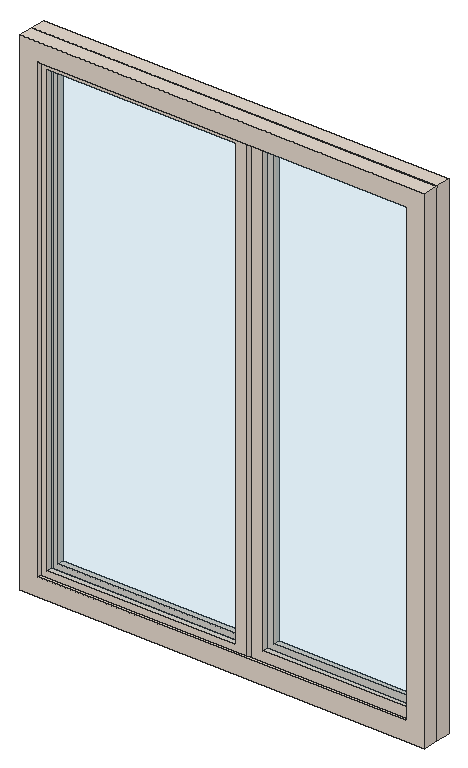
Revit family
Parameters (values of type "복창(2개창) 1800X2210")
  한쪽창폭 = 750 mm
  창프레임폭 = 50 mm
  창프레임두께 = 문틀두께 / 4  # 25 mm
  유리 = 유리
  문틀두께 = 100 mm
  문틀 [instance] = 문틀
  Height = 2210 mm
  Default Sill Height = 500 mm
  Wall Closure = (empty or 0)
  Width = 1800 mm
  Assembly Code = ""
Reference planes
  plane 1 "Center (Front/Back)": y = 0
  plane 2 "Center (Left/Right)": x = 0
  plane 3 "Left": x = -900
  plane 4 "Right": x = 900
  plane 5 "Sill": z = 500
  plane 6 "Head": z = 2710
  plane 7 "Exterior": y = 100
  plane 8 "Interior": y = -100
  plane 9: x = 95
  plane 10: x = -845.102
  plane 11: x = 845
Forms (mm)
  Sweep 1, solid, material "문틀" <- "문틀"
    path origin (0, 100, 0) x (1, 0, 0) y (0, 0, 1)
      loop
        line (900, 2710) -> (-900, 2710) -> (-900, 500) -> (900, 500) -> (900, 2710)
    profile origin (0, 100, 2710) x (0, 0, -1) y (0, -1, 0)
      loop
        line (0, 65) -> (0, 0) -> (54.898, 0) -> (54.898, 50) -> (79.898, 50) -> (79.898, 65) -> (0, 65)
  Extrusion 2, solid, material "문틀" <- "문틀"
    sketch origin (-970, 100, 0) x (1, 0, 0) y (0, 0, 1)
      loop
        line (1065, 2655) -> (124.898, 2655) -> (124.898, 555) -> (1065, 555) -> (1065, 2655)
      loop
        line (1015, 2605) -> (174.898, 2605) -> (174.898, 605) -> (1015, 605) -> (1015, 2605)
    from 25 to 50
  Extrusion 3, solid, material "유리" <- "유리"
    sketch origin (-970, 100, 0) x (1, 0, 0) y (0, 0, 1)
      loop
        line (1015, 2630) -> (174.898, 2630) -> (174.898, 580) -> (1015, 580) -> (1015, 2630)
    from 33.333 to 41.667
  Extrusion 4, solid, material "문틀" <- "문틀"
    sketch origin (0, 100, 0) x (1, 0, 0) y (0, 0, 1)
      loop
        line (845.102, 2655) -> (95, 2655) -> (95, 555) -> (845.102, 555) -> (845.102, 2655)
      loop
        line (795.102, 2605) -> (145, 2605) -> (145, 605) -> (795.102, 605) -> (795.102, 2605)
    from 0 to 25
  Extrusion 5, solid, material "유리" <- "유리"
    sketch origin (0, 100, 0) x (1, 0, 0) y (0, 0, 1)
      loop
        line (795.102, 2630) -> (145, 2630) -> (145, 580) -> (795.102, 580) -> (795.102, 2630)
    from 8.333 to 16.667
  Extrusion 6, solid, material "문틀" <- "문틀"
    sketch origin (-970, 35, 0) x (1, 0, 0) y (0, 0, 1)
      loop
        line (1065, 2655) -> (124.898, 2655) -> (124.898, 555) -> (1065, 555) -> (1065, 2655)
      loop
        line (1015, 2605) -> (174.898, 2605) -> (174.898, 605) -> (1015, 605) -> (1015, 2605)
    from 25 to 50
  Extrusion 7, solid, material "유리" <- "유리"
    sketch origin (-970, 35, 0) x (1, 0, 0) y (0, 0, 1)
      loop
        line (1015, 2630) -> (174.898, 2630) -> (174.898, 580) -> (1015, 580) -> (1015, 2630)
    from 33.333 to 41.667
  Extrusion 8, solid, material "문틀" <- "문틀"
    sketch origin (0, 35, 0) x (1, 0, 0) y (0, 0, 1)
      loop
        line (845.102, 2655) -> (95, 2655) -> (95, 555) -> (845.102, 555) -> (845.102, 2655)
      loop
        line (795.102, 2605) -> (145, 2605) -> (145, 605) -> (795.102, 605) -> (795.102, 2605)
    from 0 to 25
  Extrusion 9, solid, material "유리" <- "유리"
    sketch origin (0, 35, 0) x (1, 0, 0) y (0, 0, 1)
      loop
        line (795.102, 2630) -> (145, 2630) -> (145, 580) -> (795.102, 580) -> (795.102, 2630)
    from 8.333 to 16.667
  Sweep 10, solid, material "문틀" <- "문틀"
    path origin (0, 35, 0) x (1, 0, 0) y (0, 0, 1)
      loop
        line (900, 2710) -> (-900, 2710) -> (-900, 500) -> (900, 500) -> (900, 2710)
    profile origin (0, 35, 2710) x (0, 0, -1) y (0, -1, 0)
      loop
        line (0, 65) -> (0, 0) -> (54.898, 0) -> (54.898, 50) -> (79.898, 50) -> (79.898, 65) -> (0, 65)
Lines and regions (mm)
  Opening 1
    outline origin (3500, -100, 0) x (1, 0, 0) y (0, 0, 1)
      loop
        line (-2600, 500) -> (-2600, 2710) -> (-4400, 2710) -> (-4400, 500) -> (-2600, 500)
Text (mm)
  text "EXTERIOR" at (-1963.203, 1332.353, 0), in view "Ref. Level"
  text "INTERIOR" at (-1981.466, -818.386, 0), in view "Ref. Level"
  text "Exterior" at (0, 923.751, 2943.296), in view "Right"
  text "Exterior" at (0, 1040.484, 2685.409), in view "Left"
Dimensions and locks
  equal spacing: plane 3 "Left", plane 2 "Center (Left/Right)", plane 4 "Right"
  "Width": plane 3 "Left" to plane 4 "Right"
  "Height": plane 5 "Sill" to plane 6 "Head"
  "Default Sill Height": plane 5 "Sill" to level
  locked: plane 7 "Exterior" to host wall at 0
  locked: plane 8 "Interior" to host wall
  plane 2 "Center (Left/Right)" to plane 4 "Right" = 900 mm
  "창프레임두께": Extrusion 2 to Extrusion 2
  Extrusion 3 to Extrusion 3 = 8.333 mm
  "창프레임두께": Extrusion 4 to Extrusion 4
  Extrusion 5 to Extrusion 5 = 8.333 mm
  locked: Extrusion 4 to Extrusion 4 at 50  (x2)
  locked: Extrusion 2 to Extrusion 2 at 50  (x2)
  locked: plane 3 "Left" to plane 10 at 54.898
  locked: plane 11 to plane 4 "Right" at 55
  "한쪽창폭": plane 9 to plane 11
  "창프레임두께": Extrusion 6 to Extrusion 6
  "창프레임두께": Extrusion 8 to Extrusion 8
  locked: Extrusion 8 to Extrusion 8 at 50  (x2)
  locked: Extrusion 6 to Extrusion 6 at 50  (x2)
  aligned and locked: host wall to Sweep 1 sketch curve
  aligned and locked: Sweep 1 sketch curve to host wall  (x3)
  aligned and locked: Extrusion 4 to plane 9
  aligned and locked: Extrusion 5 to Extrusion 4  (x2)
  aligned and locked: Extrusion 3 to Extrusion 2  (x2)
  aligned and locked: Extrusion 2 to Extrusion 4
  aligned and locked: plane 10 to Sweep 1
  aligned and locked: Extrusion 2 to Sweep 1
  aligned and locked: Extrusion 4 to Sweep 1
  aligned and locked: Extrusion 9 to Extrusion 8  (x2)
  aligned and locked: Extrusion 7 to Extrusion 6  (x2)
  aligned and locked: Extrusion 6 to Extrusion 8
Automatic sketch dimensions
  Opening 1 sketch curve to plane 3 "Left" = 0 mm
  Opening 1 sketch curve to plane 4 "Right" = 0 mm
  Opening 1 sketch curve to plane 5 "Sill" = 0 mm
  Opening 1 sketch curve to plane 6 "Head" = 0 mm
  Sweep 1 sketch curve to plane 7 "Exterior" = 0 mm
  Sweep 1 sketch curve to profile plane = 0 mm
  Sweep 1 sketch curve to profile plane = 54.898 mm
  Sweep 1 sketch curve to Sweep 1 sketch curve = 25 mm
  plane 7 "Exterior" to Sweep 1 sketch curve = 50 mm
  Sweep 1 sketch curve to Sweep 1 sketch curve = 15 mm
  Extrusion 2 sketch curve to plane 10 = 0 mm
  Extrusion 2 sketch curve to plane 9 = 0 mm
  plane 10 to Extrusion 2 sketch curve = 50 mm
  Extrusion 2 sketch curve to plane 9 = 50 mm
  Extrusion 2 sketch curve to plane 5 "Sill" = 55 mm
  Extrusion 2 sketch curve to Extrusion 2 sketch curve = 50 mm
  plane 6 "Head" to Extrusion 2 sketch curve = 105 mm
  plane 6 "Head" to Extrusion 2 sketch curve = 55 mm
  plane 10 to Extrusion 3 sketch curve = 50 mm
  Extrusion 3 sketch curve to plane 9 = 50 mm
  Extrusion 3 sketch curve to plane 5 "Sill" = 80 mm
  plane 6 "Head" to Extrusion 3 sketch curve = 80 mm
  Extrusion 4 sketch curve to plane 9 = 0 mm
  plane 9 to Extrusion 4 sketch curve = 50 mm
  Extrusion 4 sketch curve to plane 11 = 49.898 mm
  plane 11 to Extrusion 4 sketch curve = 0.102 mm
  Extrusion 4 sketch curve to plane 5 "Sill" = 55 mm
  Extrusion 4 sketch curve to Extrusion 4 sketch curve = 50 mm
  plane 6 "Head" to Extrusion 4 sketch curve = 105 mm
  plane 6 "Head" to Extrusion 4 sketch curve = 55 mm
  plane 9 to Extrusion 5 sketch curve = 50 mm
  Extrusion 5 sketch curve to plane 11 = 49.898 mm
  Extrusion 5 sketch curve to plane 5 "Sill" = 80 mm
  plane 6 "Head" to Extrusion 5 sketch curve = 80 mm
  Extrusion 6 sketch curve to plane 10 = 0 mm
  Extrusion 6 sketch curve to plane 9 = 0 mm
  plane 10 to Extrusion 6 sketch curve = 50 mm
  Extrusion 6 sketch curve to plane 9 = 50 mm
  Extrusion 6 sketch curve to plane 5 "Sill" = 55 mm
  Extrusion 6 sketch curve to Extrusion 6 sketch curve = 50 mm
  plane 6 "Head" to Extrusion 6 sketch curve = 105 mm
  plane 6 "Head" to Extrusion 6 sketch curve = 55 mm
  plane 10 to Extrusion 7 sketch curve = 50 mm
  Extrusion 7 sketch curve to plane 9 = 50 mm
  Extrusion 7 sketch curve to plane 5 "Sill" = 80 mm
  plane 6 "Head" to Extrusion 7 sketch curve = 80 mm
  Extrusion 8 sketch curve to plane 9 = 0 mm
  plane 9 to Extrusion 8 sketch curve = 50 mm
  Extrusion 8 sketch curve to plane 11 = 49.898 mm
  plane 11 to Extrusion 8 sketch curve = 0.102 mm
  Extrusion 8 sketch curve to plane 5 "Sill" = 55 mm
  Extrusion 8 sketch curve to Extrusion 8 sketch curve = 50 mm
  plane 6 "Head" to Extrusion 8 sketch curve = 105 mm
  plane 6 "Head" to Extrusion 8 sketch curve = 55 mm
  plane 9 to Extrusion 9 sketch curve = 50 mm
  Extrusion 9 sketch curve to plane 11 = 49.898 mm
  Extrusion 9 sketch curve to plane 5 "Sill" = 80 mm
  plane 6 "Head" to Extrusion 9 sketch curve = 80 mm
  Sweep 10 sketch curve to plane 3 "Left" = 0 mm
  Sweep 10 sketch curve to plane 4 "Right" = 0 mm
  Sweep 10 sketch curve to plane 5 "Sill" = 0 mm
  Sweep 10 sketch curve to plane 6 "Head" = 0 mm
  Sweep 10 sketch curve to profile plane = 0 mm  (x2)
  Sweep 10 sketch curve to profile plane = 54.898 mm
  Sweep 10 sketch curve to Sweep 10 sketch curve = 25 mm
  profile plane to Sweep 10 sketch curve = 50 mm
  Sweep 10 sketch curve to Sweep 10 sketch curve = 15 mm
